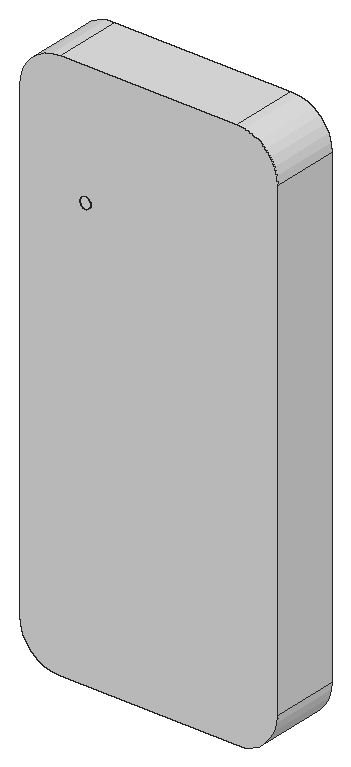
Revit family "Считыватель AGRG AXI 1_тип модель", category Охранная сигнализация, Revit 2019
Family settings
  Сохранять ориентацию аннотаций = Нет
  Размер круглого соединителя = Использовать диаметр
  Тип детали = Нормальный
  На основе рабочей плоскости = Нет
  Всегда вертикально = Да
  При загрузке вырезать с полостями = Нет
  Общий = Нет
  Точка расчета площади = Нет
Parameters (values of type "Считыватель AGRG AXI 1 «Арктический белый»")
  Стоимость = 14250
  Нанесение на считыватель узора, текстуры или логотипа заказчика [instance] = no
  Нанесение на считыватель узора из галереи сайта AGRG [instance] = no
  Материал = Пластмасса, непрозрачная, белая
  УГО_Наличие [instance] = no
  Отступ по X [instance] = УГО_Отступ по X * 10 + 4000 mm  # 4010 mm
  УГО_Отступ по X [instance] = 1 mm
  Отступ по Y [instance] = УГО_Отступ по Y * 10 + 4000 mm  # 4300 mm
  УГО_Отступ по Y [instance] = 30 mm
  Описание = "ITV"  # constant formula
  Корпус из массива дерева (из галереи AGRG) [instance] = no
  Изображение типоразмера = RC.png
  Выбор цвета корпуса (акрил) из галереи AGRG [instance] = no
  Вертикально [instance] = yes
  URL = "https://skud.agrg.ru/readers/axi-1"
  ITV_SUB_УГО на структурной схеме = "УГО_Считыватель"  # constant formula
  ADSK_Ток тревожного режима [instance] = 0.05 A
  ADSK_Ток дежурного режима [instance] = 0.05 A
  ADSK_Принадлежность к разделу [instance] = ""
  ADSK_Примечание [instance] = ""
  ADSK_Полная мощность [instance] = ADSK_Номинальная мощность / ADSK_Коэффициент мощности  # 0 VA
  ADSK_Позиция [instance] = ""
  ADSK_Обозначение = "RC"  # constant formula
  ADSK_Номинальная мощность [instance] = 0 W
  ADSK_Номер устройства [instance] = ""
  ADSK_Номер точки доступа [instance] = ""
  ADSK_Номер контроллера [instance] = ""
  ADSK_Нижний порог напряжения = 9 V
  ADSK_Напряжение [instance] = 12 V  # constant formula
  ADSK_Наименование краткое = "Считыватель бесконтактных карт"
  ADSK_Наименование = "Считыватель для СКУД AGRG AXI 1 \"Арктический белый\"; Интерфейс: W-26, 34, 58; Чтение идентификаторов соответствующих стандарту ISO/IEC 14443A MIFARE (UID) Mifare Mini, Mifare Classic, Mifare Plus SL1/SL3, Mifare DESFire (только UID ); TM (DS1990A) - поддержка всех вышеуказанных форматов; Размер, мм: 82x38x10; Материал корпуса: искусственный камень на базе акрила"
  ADSK_Масса = 0.06  # constant formula
  ADSK_Марка = "AGRG AXI"  # constant formula
  ADSK_Коэффициент мощности [instance] = 1
  ADSK_Количество фаз [instance] = 1
  ADSK_Количество = 1  # constant formula
  ADSK_Код изделия = "AXI1AW"
  ADSK_Классификация нагрузок [instance] = Прочее
  ADSK_Имя источника питания [instance] = ""
  ADSK_Завод-изготовитель = "ООО «Агрегатор»"  # constant formula
  ADSK_Единица измерения = "шт."  # constant formula
  ADSK_Группирование = "1. Оборудование"  # constant formula
  ADSK_Верхний порог напряжения = 15 V
  ADSK_Версия семейства = ""
Types (3, lengths in mm): name | Материал | ADSK_Наименование | ADSK_Код изделия
  Считыватель AGRG AXI 1 «Арктический белый» | Пластмасса, непрозрачная, белая | "Считыватель для СКУД AGRG AXI 1 \"Арктический белый\"; Интерфейс: W-26, 34, 58; Чтение идентификаторов соответствующих стандарту ISO/IEC 14443A MIFARE (UID) Mifare Mini, Mifare Classic, Mifare Plus SL1/SL3, Mifare DESFire (только UID ); TM (DS1990A) - поддержка всех вышеуказанных форматов; Размер, мм: 82x38x10; Материал корпуса: искусственный камень на базе акрила" | "AXI1AW"
  Считыватель AGRG AXI 1 «Люксовый Мандарин» | Пластмасса, непрозрачная, оранжевая | "Считыватель для СКУД AGRG AXI 1 \"Люксовый мандарин\"; Интерфейс: W-26, 34, 58; Чтение идентификаторов соответствующих стандарту ISO/IEC 14443A MIFARE (UID) Mifare Mini, Mifare Classic, Mifare Plus SL1/SL3, Mifare DESFire (только UID ); TM (DS1990A) - поддержка всех вышеуказанных форматов; Размер, мм: 82x38x10; Материал корпуса: искусственный камень на базе акрила" | "AXI1LM"
  Считыватель AGRG AXI 1 «Имперский черный» | Пластмасса, непрозрачная, черная | "Считыватель для СКУД AGRG AXI 1 \"Имперский черный\"; Интерфейс: W-26, 34, 58; Чтение идентификаторов соответствующих стандарту ISO/IEC 14443A MIFARE (UID) Mifare Mini, Mifare Classic, Mifare Plus SL1/SL3, Mifare DESFire (только UID ); TM (DS1990A) - поддержка всех вышеуказанных форматов; Размер, мм: 82x38x10; Материал корпуса: искусственный камень на базе акрила" | "AXI1IBL"
Reference planes
  plane 1 "По центру (Вперед/Назад)": y = 0
  plane 2: z = 0
  plane 3 "По центру (Влево/Вправо)": x = 0
  plane 4: x = -4000
  plane 5: y = 4000
Forms (mm)
  Extrusion 1, solid, not visible
    sketch origin (0, -88.457, 0) x (1, 0, 0) y (0, 1, 0)
      loop
        line (42.426, 79.151) -> (42.426, 97.763) -> (-42.426, 97.763) -> (-42.426, 79.151) -> (42.426, 79.151)
    from 0 to -50
Lines and regions (mm)
  reference lines
    curve 1: line (10, -297, 0) -> (10, -303, 0)
    curve 2: line (8, -300, 0) -> (12, -300, 0)
Dimensions and locks
  "Отступ по X": plane 4 to curve 1
  "Отступ по Y": curve 2 to plane 5
  aligned and locked: level to plane 2
  aligned and locked: curve 1 to nested 1
  aligned and locked: nested 1 to curve 1  (x2)
  aligned and locked: nested 1 to curve 2  (x3)
Automatic sketch dimensions
  plane 1 "По центру (Вперед/Назад)" to Extrusion 1 sketch curve = 9.306 mm
  Extrusion 1 sketch curve to plane 3 "По центру (Влево/Вправо)" = 42.426 mm
  Extrusion 1 sketch curve to plane 1 "По центру (Вперед/Назад)" = 9.306 mm
  plane 3 "По центру (Влево/Вправо)" to Extrusion 1 sketch curve = 42.426 mm
  curve 2 to curve 1 = 2 mm
  curve 1 to curve 2 = 2 mm
  curve 1 to curve 2 = 3 mm
  curve 2 to curve 1 = 3 mm
Nested families
  nested 1: "УГО_Считыватель_для модели_типовая аннотация" at (10, -300, 0), visible <- "УГО_Наличие", type "УГО_Считыватель_для модели_типовая аннотация", detail levels coarse+medium
    with Считыватель с клавиатурой no, Считыватель климатический no
  nested 2: "AGRG AXI 1-AGRG AXI 2_на грани" at (0, 0, -41) x (1, 0, 0) z (0, -1, 0), Материал <- "Материал", type "AGRG AXI 1-AGRG AXI 2_на грани", detail levels fine
    with Материал Пластмасса, непрозрачная, белая
  nested 3: "AGRG AXI 1-AGRG AXI 2_на грани" at (0, 41, 0), Материал <- "Материал", type "AGRG AXI 1-AGRG AXI 2_на грани", not visible, detail levels fine
    with Материал Пластмасса, непрозрачная, белая
  nested 4: "AXI CUSTOM_тип модель" at (-2, -1, -6), visible <- "Корпус из массива дерева (из галереи AGRG)", ADSK_Группирование <- "ADSK_Группирование", ADSK_Принадлежность к разделу <- "ADSK_Принадлежность к разделу", type "Корпус из массива дерева (из галереи AGRG)"
    with ADSK_Принадлежность к разделу "", ADSK_Группирование "1. Оборудование"
  nested 5: "AXI CUSTOM_тип модель" at (-6.012, -1, -6), visible <- "Выбор цвета корпуса (акрил) из галереи AGRG", ADSK_Группирование <- "ADSK_Группирование", ADSK_Принадлежность к разделу <- "ADSK_Принадлежность к разделу", type "Выбор цвета корпуса (акрил) из галереи AGRG"
    with ADSK_Принадлежность к разделу "", ADSK_Группирование "1. Оборудование"
  nested 6: "AXI CUSTOM_тип модель" at (2, -1, -6) x (-1, 0, 0) z (0, 0, 1), visible <- "Нанесение на считыватель узора из галереи сайта AGRG", ADSK_Группирование <- "ADSK_Группирование", ADSK_Принадлежность к разделу <- "ADSK_Принадлежность к разделу", type "Нанесение на считыватель узора из галереи сайта AGRG"
    with ADSK_Принадлежность к разделу "", ADSK_Группирование "1. Оборудование"
  nested 7: "AXI CUSTOM_тип модель" at (6.012, -1, -6) x (-1, 0, 0) z (0, 0, 1), visible <- "Нанесение на считыватель узора, текстуры или логотипа заказчика", ADSK_Группирование <- "ADSK_Группирование", ADSK_Принадлежность к разделу <- "ADSK_Принадлежность к разделу", type "Нанесение на считыватель узора, текстуры или логотипа заказчика"
    with ADSK_Принадлежность к разделу "", ADSK_Группирование "1. Оборудование"
Connectors
  electrical at (0, 0, 0), driven by "ADSK_Количество фаз", driven by "ADSK_Классификация нагрузок", driven by "ADSK_Напряжение", driven by "ADSK_Полная мощность", driven by "ADSK_Коэффициент мощности"
    settings: on Extrusion 1, index 2, voltage 12 V, apparent load 0 VA, apparent load phase1 0 VA, apparent load phase2 0 VA, apparent load phase3 0 VA, power factor 1, load classification "Прочее", number of poles 1, system type 10, power factor state 1, is connector primary yes, connector utility no, sub classification motor no, connector description ""
  electrical at (0, 0, 0), driven by "ADSK_Коэффициент мощности", driven by "ADSK_Полная мощность", driven by "ADSK_Напряжение", driven by "ADSK_Классификация нагрузок", driven by "ADSK_Количество фаз"
    settings: on Extrusion 1, index 3, voltage 12 V, apparent load 0 VA, apparent load phase1 0 VA, apparent load phase2 0 VA, apparent load phase3 0 VA, power factor 1, load classification "Прочее", number of poles 1, system type 30, power factor state 1, is connector primary no, connector utility no, sub classification motor no, connector description ""
Definition of nested family "AGRG AXI 1-AGRG AXI 2_на грани"
  Parameters (values of type "AGRG AXI 1-AGRG AXI 2_на грани")
    Default Elevation = 1219.2 mm
    Материал [instance] = none
  Reference planes
    plane 1 "По центру (Вперед/Назад)": y = 0
    plane 2: z = 0
    plane 3 "По центру (Влево/Вправо)": x = 0
    plane 4: x = -19
    plane 5: y = 41
    plane 6: x = 19
    plane 7: y = -41
  Forms (mm)
    Extrusion 1, solid
      sketch origin (0, 0, 0) x (1, 0, 0) y (0, 1, 0)
        loop
          line (-1219.2, 1219.2) -> (-1219.2, -1219.2) -> (1219.2, -1219.2) -> (1219.2, 1219.2) -> (-1219.2, 1219.2)
      from 0 to -304.8
    Extrusion 2, solid, material <- "Материал"
      sketch origin (0, 0, 0) x (1, 0, 0) y (0, 1, 0)
        loop
          line (-19, 35) -> (-19, -35.026)
          arc (-19, -35.026) -> (-17.25, -39.25) -> (-13.026, -41) r 5.974
          line (-13.026, -41) -> (13, -41)
          arc (13, -41) -> (17.243, -39.243) -> (19, -35) r 6
          line (19, -35) -> (19, 35)
          arc (19, 35) -> (17.243, 39.243) -> (13, 41) r 6
          line (13, 41) -> (-13, 41)
          arc (-13, 41) -> (-17.243, 39.243) -> (-19, 35) r 6
      from 0 to 10
    Extrusion 3, void
      sketch origin (0, 0, 0) x (1, 0, 0) y (0, 1, 0)
        loop
          circle (-9.343, 22.812) r 0.8
      from 9 to 10
    Extrusion 4, void
      sketch origin (0, 0, 0) x (1, 0, 0) y (0, 0, 1)
        loop
          circle (0, 3.5) r 1.683
      from 40 to 41
    Extrusion 5, solid
      sketch origin (0, 0, 0) x (1, 0, 0) y (0, 1, 0)
        loop
          circle (-9.343, 22.812) r 0.8
      from 9 to 10
  Cuts and joins
    Extrusion 3, Extrusion 4 cuts Extrusion 2
  Dimensions and locks
    equal spacing: plane 4, plane 3 "По центру (Влево/Вправо)", plane 6
    Extrusion 4 sketch curve to Extrusion 1 = 3.5 mm
    aligned and locked: plane 2 to Extrusion 1
    aligned and locked: level to Extrusion 1
    aligned and locked: Extrusion 2 sketch curve to plane 4
    aligned and locked: Extrusion 2 sketch curve to plane 5
    aligned and locked: plane 6 to Extrusion 2 sketch curve
    aligned and locked: plane 7 to Extrusion 2 sketch curve
  Automatic sketch dimensions
    Extrusion 1 sketch curve to Extrusion 1 sketch curve = 2438.4 mm  (x2)
    plane 4 to Extrusion 2 sketch curve = 5.974 mm
    Extrusion 2 sketch curve to Extrusion 2 sketch curve = 6 mm
    plane 6 to Extrusion 2 sketch curve = 6 mm  (x2)
    Extrusion 3 sketch curve to plane 3 "По центру (Влево/Вправо)" = 9.343 mm
    Extrusion 3 sketch curve to plane 5 = 18.188 mm
    Extrusion 4 sketch curve to plane 3 "По центру (Влево/Вправо)" = 0 mm
    Extrusion 5 sketch curve to Extrusion 5 sketch curve = 0 mm  (x2)
    Extrusion 5 sketch curve to plane 3 "По центру (Влево/Вправо)" = 9.343 mm
    Extrusion 5 sketch curve to plane 5 = 18.188 mm
    Extrusion 5 sketch curve to Extrusion 5 sketch curve = 0.8 mm
    radius of Extrusion 3 sketch curve = 0.8 mm
    radius of Extrusion 4 sketch curve = 1.683 mm
Definition of nested family "AXI CUSTOM_тип модель"
  Parameters (values of type "Корпус из массива дерева (из галереи AGRG)")
    Description = "ITV"  # constant formula
    ADSK_Принадлежность к разделу [instance] = ""
    ADSK_Наименование = "Корпус из массива дерева (из галереи AGRG)"
    ADSK_Масса = 0
    ADSK_Марка = "AGRG AXI CUSTOM"
    ADSK_Количество = 1
    ADSK_Код изделия = "AXICSTWBX"
    ADSK_Завод-изготовитель = "ООО «Агрегатор»"  # constant formula
    ADSK_Единица измерения = "шт."  # constant formula
    ADSK_Группирование [instance] = ""
  Types (5, lengths in mm): name | ADSK_Наименование | ADSK_Код изделия
    (no name) | "Корпус из массива дерева (из галереи AGRG)" | "AXICSTWBX"
    Нанесение на считыватель узора из галереи сайта AGRG | "Нанесение на считыватель узора из галереи сайта AGRG" | "AXIAGRGPTN"
    Нанесение на считыватель узора, текстуры или логотипа заказчика | "Нанесение на считыватель узора, текстуры или логотипа заказчика" | "AXICSTPTN"
    Выбор цвета корпуса (акрил) из галереи AGRG | "Выбор цвета корпуса (акрил) из галереи AGRG" | "AXICSTBX"
    Корпус из массива дерева (из галереи AGRG) | "Корпус из массива дерева (из галереи AGRG)" | "AXICSTWBX"
  Reference planes
    plane 1 "По центру (Вперед/Назад)": y = 0
    plane 2: z = 0
    plane 3 "По центру (Влево/Вправо)": x = 0
  Forms (mm)
    Extrusion 1, solid, detail levels fine
      sketch origin (0, 0, 0) x (1, 0, 0) y (0, 1, 0)
        loop
          line (-1, 1) -> (-1, -1) -> (1, -1) -> (1, 1) -> (-1, 1)
      from 0 to 2
  Dimensions and locks
    Extrusion 1 sketch curve to plane 3 "По центру (Влево/Вправо)" to Extrusion 1 sketch curve = 1 mm, 1 mm
    Extrusion 1 sketch curve to plane 1 "По центру (Вперед/Назад)" to Extrusion 1 sketch curve = 1 mm, 1 mm
    aligned and locked: level to plane 2
Definition of nested family "УГО_Считыватель_для модели_типовая аннотация"
  Parameters (values of type "УГО_Считыватель_для модели_типовая аннотация")
    Считыватель с клавиатурой [instance] = yes
    Считыватель климатический [instance] = yes
  Reference planes
    plane 1: y = 0
    plane 2: x = 0
  Lines and regions (mm)
    Masking region 1
      outline origin (-2.81, 1, 0) x (0, -1, 0) y (1, 0, 0)
        loop
          line (-2, 0.81) -> (4, 0.81) -> (4, 4.81) -> (-2, 4.81) -> (-2, 0.81)
    Masking region 2, not visible
      outline origin (-2.81, 1, 0) x (0, -1, 0) y (1, 0, 0)
        loop
          line (-16.952, 19.039) -> (-10.952, 19.039) -> (-10.952, 23.039) -> (-16.952, 23.039) -> (-16.952, 19.039)
    Filled region 1, type "Цветовая область 1", visible <- "Считыватель с клавиатурой"
      outline origin (0, 0, 0) x (1, 0, 0) y (0, 1, 0)
        loop
          line (-1.5, 2.5) -> (-1.5, -2.5) -> (1.5, -2.5) -> (1.5, 2.5) -> (-1.5, 2.5)
    Filled region 2, type "Цветовая область 1", visible <- "Считыватель с клавиатурой", not visible
      outline origin (0, 0, 0) x (1, 0, 0) y (0, 1, 0)
        loop
          line (16.729, 17.452) -> (16.729, 12.452) -> (19.729, 12.452) -> (19.729, 17.452) -> (16.729, 17.452)
    detail lines
      curve 1: line (-2, -3, 0) -> (-2, 3, 0)
      curve 2: line (-2, 3, 0) -> (2, 3, 0)
      curve 3: line (0, 3, 0) -> (-2, 3, 0)
      curve 4: line (-2, 3, 0) -> (-2, -3, 0)
      curve 5: line (2, 3, 0) -> (2, -3, 0)
      curve 6: line (2, -3, 0) -> (-2, -3, 0)
      curve 7: line (-2, -3, 0) -> (-2, 3, 0)
      curve 8: line (-2, 3, 0) -> (2, 3, 0)
      curve 21: circle (0, 0, 0) r 0.05 normal (0, 0, 1)
      curve 23: line (-1.5, 2.5, 0) -> (1.5, 2.5, 0)
      curve 24: line (1.5, 2.5, 0) -> (1.5, -2.5, 0)
      curve 25: line (-1.5, -2.5, 0) -> (1.5, -2.5, 0)
      curve 26: line (-1.5, 2.5, 0) -> (-1.5, -2.5, 0)
    detail lines, not visible
      curve 9: line (-2, 0, 0) -> (2, 0, 0)
      curve 10: line (0, 3, 0) -> (0, -3, 0)
      curve 11: line (16.229, 11.952, 0) -> (16.229, 17.952, 0)
      curve 12: line (16.229, 17.952, 0) -> (20.229, 17.952, 0)
      curve 13: line (18.229, 17.952, 0) -> (16.229, 17.952, 0)
      curve 14: line (16.229, 17.952, 0) -> (16.229, 11.952, 0)
      curve 15: line (20.229, 17.952, 0) -> (20.229, 11.952, 0)
      curve 16: line (20.229, 11.952, 0) -> (16.229, 11.952, 0)
      curve 17: line (16.229, 11.952, 0) -> (16.229, 17.952, 0)
      curve 18: line (16.229, 17.952, 0) -> (20.229, 17.952, 0)
      curve 19: line (16.229, 14.952, 0) -> (20.229, 14.952, 0)
      curve 20: line (18.229, 17.952, 0) -> (18.229, 11.952, 0)
      curve 22: circle (18.229, 14.952, 0) r 0.05 normal (0, 0, 1)
      curve 27: line (16.729, 17.452, 0) -> (19.729, 17.452, 0)
      curve 28: line (19.729, 17.452, 0) -> (19.729, 12.452, 0)
      curve 29: line (16.729, 12.452, 0) -> (19.729, 12.452, 0)
      curve 30: line (16.729, 17.452, 0) -> (16.729, 12.452, 0)
    detail lines, visible <- "Считыватель климатический"
      curve 31: line (-1.032, 1.721, 0) -> (0, 0, 0)
      curve 32: line (1.032, -1.721, 0) -> (0, 0, 0)
      curve 33: line (1.032, 1.721, 0) -> (0, 0, 0)
      curve 34: line (-1.032, -1.721, 0) -> (0, 0, 0)
    detail lines, visible <- "Считыватель климатический", not visible
      curve 35: line (17.196, 16.672, 0) -> (18.229, 14.952, 0)
      curve 36: line (19.261, 13.231, 0) -> (18.229, 14.952, 0)
      curve 37: line (19.261, 16.672, 0) -> (18.229, 14.952, 0)
      curve 38: line (17.196, 13.231, 0) -> (18.229, 14.952, 0)
